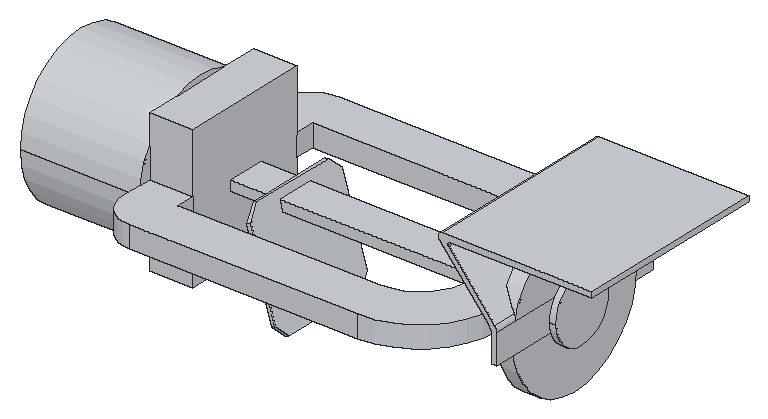
Revit family
Parameters (values of type "RASCO GFR HSW")
  Temperature Rating = 212 °F
  Response = 1
  RASCO SIN # = "R3135"
  RASCO Part # = "GFRH2B"
  Pressure Rating = "175 PSI"
  Pressure Class = (empty or 0)
  Orifice Size = 1/2"
  Orifice = (empty or 0)
  Model = "GFR"
  Manufacturer = "RASCO"
  K-Factor = 8
  Description = "Bronze Finish"
  Coverage = (empty or 0)
Reference planes (in)
  plane 1 "Center (Front/Back)": y = 0
  plane 2: z = 0
  plane 3 "Center (Left/Right)": x = 0
Dimensions and locks (in)
  aligned and locked: plane 2 to level
Nested families (in)
  nested 1: "GFRH2B" at (-1.39725, 0.02267, 0.75) x (0, -1, 0) z (1, 0, 0), type "RASCO GFR HSW"
Connectors (in)
  piping at (-1.39725, 0.02267, 0.75)
    settings: on nested 1, index 1, connector radius 0.43", flow factor 0, pipe flow 0 GPM, pressure drop 0.00 psi, fitting loss kfactor 0, connector angle 0.00°, fixture units 0, flow configuration 0, flow direction 0, fitting loss method 0, system type 7, connector reference index -1, connector utility 0, adjustable connector no, is connector primary yes, fitting loss table "", connector description ""
Definition of nested family "GFRH2B"
  Parameters (values of type "RASCO GFR HSW")
    Type Comments = ""
    Temperature Rating = 0 °F
    Response = (empty or 0)
    Pressure Rating = "0"
    Pressure Class = (empty or 0)
    Orifice Size = 0"
    Orifice = (empty or 0)
    Model = ""
    Manufacturer = ""
    K-Factor = 0
    Description = ""
    Coverage = (empty or 0)
    Assembly Code = ""
  Reference planes (in)
    plane 1 "Center (Front/Back)": y = 0
    plane 2: z = 0
    plane 3 "ref.2": z = 0.6875
    plane 4 "ref.3": z = 0.9375
    plane 5: x = -0.38065
    plane 6: x = 0.36935
    plane 7 "ref. side 1": y = 0.06402
    plane 8 "ref. side 2": y = -0.06098
    plane 9 "ref.4": z = 1.875
    plane 10 "ref.5": z = 2.875
    plane 11 "center": x = -0.00574
    plane 12 "clip": through (0, 0.52703, 1.36085) normal (0, 0.2756, -0.9613)
    plane 13 "head": z = 2.83335
  Forms (in)
    Extrusion 1, solid
      sketch origin (0, 0, 0) x (1, 0, 0) y (0, 1, 0)
        loop
          circle (0, 0) r 0.438
      from 0 to 0.6875
    Extrusion 2, solid
      sketch origin (-0.12185, 0.05177, 0.6875) x (1, 0, 0) y (0, 1, 0)
        loop
          line (-0.2588, 0.356) -> (-0.2588, -0.4565) -> (0.4912, -0.4565) -> (0.4912, 0.356) -> (-0.2588, 0.356)
      from 0 to 0.25
    Extrusion 3, solid
      sketch origin (0, 0, 0) x (1, 0, 0) y (0, 0, 1)
        loop
          line (-0.49248, 0.9375) -> (-0.49248, 2.10276)
          arc (-0.49248, 2.10276) -> (-0.40724, 2.30855) -> (-0.20145, 2.39379) r 0.29103
          line (-0.20145, 2.39379) -> (0.18108, 2.39379)
          arc (0.18108, 2.39379) -> (0.38905, 2.30765) -> (0.47519, 2.09969) r 0.29411
          line (0.47519, 2.09969) -> (0.47519, 0.9375) -> (0.36935, 0.9375) -> (0.36935, 0.6875) -> (0.55741, 0.6875)
          arc (0.55741, 0.6875) -> (0.69165, 0.7431) -> (0.74725, 0.87734) r 0.18984
          line (0.74725, 0.87734) -> (0.74725, 2.19113)
          arc (0.74725, 2.19113) -> (0.61669, 2.50631) -> (0.3015, 2.63687) r 0.44574
          line (0.3015, 2.63687) -> (-0.30719, 2.63687)
          arc (-0.30719, 2.63687) -> (-0.62225, 2.50637) -> (-0.75275, 2.19131) r 0.44556
          line (-0.75275, 2.19131) -> (-0.75275, 0.87876)
          arc (-0.75275, 0.87876) -> (-0.69673, 0.74352) -> (-0.56149, 0.6875) r 0.19126
          line (-0.56149, 0.6875) -> (-0.38065, 0.6875) -> (-0.38065, 0.9375) -> (-0.49248, 0.9375)
      from -0.06402 to 0.06098
    Extrusion 4, solid
      sketch origin (-0.00199, 0, 2.4375) x (-1, 0, 0) y (0, -1, 0)
        loop
          circle (0.00574, -0.00152) r 0.1875
      from -0.04371 to 0.4375
    Extrusion 5, solid
      sketch origin (0, 0, 0.9375) x (-1, 0, 0) y (0, -1, 0)
        loop
          line (-0.10175, -0.02852) -> (0.11324, -0.02852) -> (0.11324, 0.03101) -> (-0.10175, 0.03101) -> (-0.10175, -0.02852)
      from 0 to 1.45629
    Extrusion 6, solid
      sketch origin (-0.00574, 0, 0) x (0, 0, -1) y (0, -1, 0)
        loop
          line (-2.34418, 0.08154) -> (-2.34418, -0.18975)
          arc (-2.34418, -0.18975) -> (-2.3294, -0.23392) -> (-2.29102, -0.2603) r 0.07339
          line (-2.29102, -0.2603) -> (-1.29471, -0.54599) -> (-1.27823, -0.48852) -> (-2.23088, -0.21535)
          arc (-2.23088, -0.21535) -> (-2.26901, -0.18915) -> (-2.28369, -0.14527) r 0.07291
          line (-2.28369, -0.14527) -> (-2.28369, 0.08154) -> (-2.34418, 0.08154)
      from -0.1075 to 0.1075
    Extrusion 7, solid
      sketch origin (0, -0.32053, 1.11781) x (0, 0.961262, 0.275637) y (1, 0, 0)
        loop
          line (0.84059, -0.34079) -> (0.916, -0.26539) -> (0.916, 0.24563) -> (0.84145, 0.32018) -> (0.33718, 0.32018) -> (0.26218, 0.24518) -> (0.26218, -0.26617) -> (0.3368, -0.34079) -> (0.84059, -0.34079)
      from -0.01906 to 0
    Extrusion 8, solid
      sketch origin (0, 0, 2.83335) x (-1, 0, 0) y (0, -1, 0)
        loop
          circle (0.00574, 0) r 0.443
      from 0 to -0.09217
    Extrusion 9, solid
      sketch origin (-0.00574, 0, 0) x (0, 0, -1) y (0, -1, 0)
        loop
          line (-2.83335, -0.06402) -> (-2.80133, -0.06402) -> (-2.80133, 0.09123)
          arc (-2.80133, 0.09123) -> (-2.79812, 0.10945) -> (-2.78887, 0.12547) r 0.05327
          line (-2.78887, 0.12547) -> (-2.50163, 0.46779)
          arc (-2.50163, 0.46779) -> (-2.4981, 0.49461) -> (-2.52091, 0.50914) r 0.02517
          line (-2.52091, 0.50914) -> (-3.38, 0.50914) -> (-3.38, 0.47705) -> (-2.5671, 0.47705)
          arc (-2.5671, 0.47705) -> (-2.5538, 0.46858) -> (-2.55586, 0.45295) r 0.01468
          line (-2.55586, 0.45295) -> (-2.82077, 0.13723)
          arc (-2.82077, 0.13723) -> (-2.8301, 0.12107) -> (-2.83335, 0.10269) r 0.05374
          line (-2.83335, 0.10269) -> (-2.83335, -0.06402)
      from -0.55749 to 0.56585
  Cuts and joins
    joined: Extrusion 1, Extrusion 2
